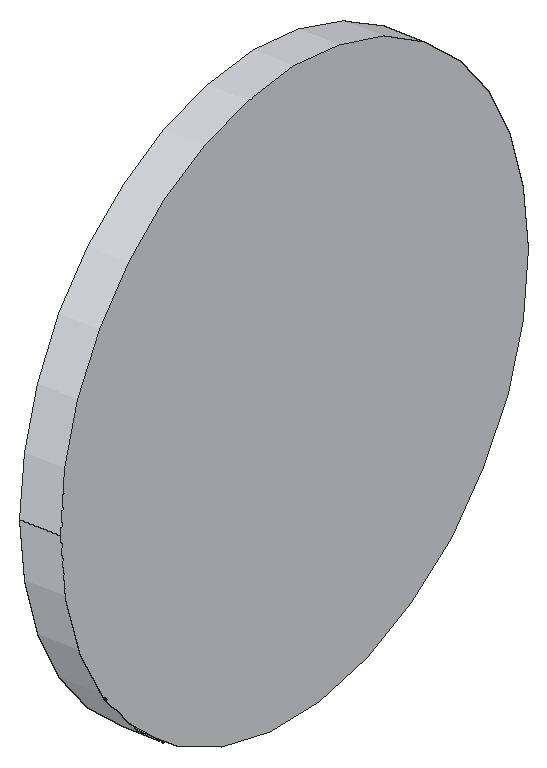
Revit family "fde7fd0688b94f3780b07b23b7e36899", category Pipe Fittings, Revit 2021
Family settings
  Round Connector Dimension = Use Radius
  Part Type = Cap
  OmniClass Number = 23.60.30.11.14
  OmniClass Title = Pipework Fittings
  Seek Item ID = Flange - Threaded - GI - Class 250-0000-USA-ENU
  Work Plane-Based = No
  Always vertical = Yes
  Cut with Voids When Loaded = No
  Shared = No
Parameters (values of type "Standard")
  Tick Size [instance] = Flange Diameter * 0.4  # 3.6000"
  Nominal Radius [instance] = 2.0000"
  Nominal Diameter [instance] = Nominal Radius * 2  # 4.0000"
  Loss Method = Not Defined
  Lookup Table Name = "Flange - Blind - Stainless Steel - Class 86"
  Flange Thickness [instance] = size_lookup(Lookup Table Name, "FThk", 0.04 * Nominal Diameter + 0.2800", Nominal Diameter)  # 0.6250"
  Flange Radius [instance] = Flange Diameter / 2  # 4.5000"
  Flange Diameter [instance] = size_lookup(Lookup Table Name, "FDia", 1.15 * Nominal Diameter + 4.4800", Nominal Diameter)  # 9.0000"
  Default Elevation = 0.0000"
Reference planes (in)
  plane 1 "Center (Front/Back)": y = 0
  plane 2: z = 0
  plane 3 "Center (Left/Right)": x = 0
  plane 4: y = 3.6
  plane 5: y = -3.6
  plane 6: x = 0.625
Forms (in)
  Extrusion 1, solid, detail levels fine
    sketch origin (0, 0, 0) x (0, 1, 0) y (0, 0, 1)
      loop
        circle (0, 0) r 4.5
    from 0 to 0.625
Lines and regions (in)
  model lines, detail levels coarse+medium
    curve 1: line (0, 3.6, 0) -> (0, -3.6, 0)
Dimensions and locks (in)
  equal spacing: plane 4, plane 1 "Center (Front/Back)", plane 5
  "Tick Size": plane 4 to plane 1 "Center (Front/Back)"
  "Flange Thickness": plane 3 "Center (Left/Right)" to plane 6
  "Flange Radius": radius of Extrusion 1 sketch curve
  aligned and locked: plane 4 to curve 1
  aligned and locked: plane 5 to curve 1
  aligned and locked: plane 6 to Extrusion 1
  aligned and locked: Extrusion 1 to plane 3 "Center (Left/Right)"
  aligned and locked: curve 1 to plane 3 "Center (Left/Right)"
Automatic sketch dimensions
  Extrusion 1 sketch curve to level = 0.0000"
  Extrusion 1 sketch curve to plane 1 "Center (Front/Back)" = 0.0000"
Connectors (in)
  piping at (0, 0, 0), diameter 4, driven by "Nominal Radius"
    settings: on Extrusion 1, index 1, connector inside diameter 4.0000", connector length 0.0000", flow factor 0, pipe flow 0 GPM, pressure drop 0.00 psi, fitting loss kfactor 0, connector angle 0.00°, fixture units 0, engagement length 0.0000", angle of deflection 0.00°, flow configuration 0, flow direction 0, fitting loss method 0, system type 28, joint type 0, gender type 0, connector reference index -1, connector utility 0, adjustable connector no, is connector primary yes, connector description ""
